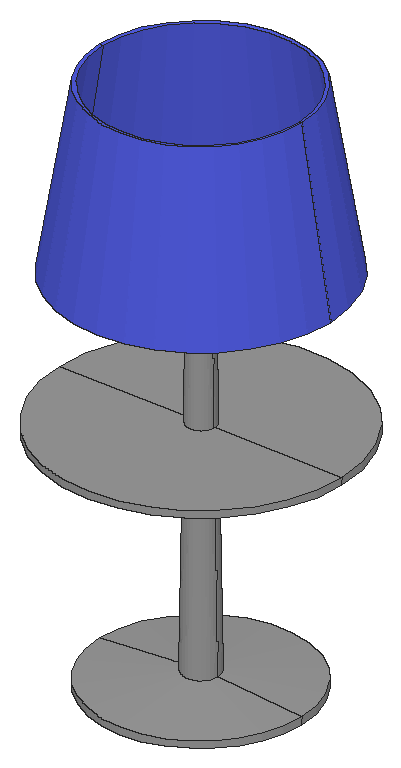
Revit family "MF consegna 01 tavolo lampada", category Apparecchi per illuminazione, Revit 2013
Parameters (values of type "Lampada h 160cm - tessuto azzurro")
  Wattage = 9.2903 W
  Spessore paralume = 1 cm
  Spessore base/ripiano interno = 4 cm
  Spessore base/ripiano esterno = 2 cm
  Raggio superiore paralume = 30 cm
  Raggio superiore montante = 3 cm
  Raggio ripiano = 42 cm
  Raggio inferiore paralume = 38.5 cm
  Raggio inferiore montante = 5 cm
  Raggio base = 30 cm
  built-in parameter 1150110 = 1 (stored number, unit not read)
  Materiale paralume = Lino - Azzurro
  Materiale base = Plastica, Bianco opaco
  H ripiano = 70 cm
  H paralume = 50 cm
  H Lampada = 160 cm
  built-in parameter 1114217 = 1 (stored number, unit not read)
  built-in parameter 1150109 = 1 (stored number, unit not read)
  built-in parameter 1150134 = (empty or 0)
  built-in parameter 1150113 = 1 (stored number, unit not read)
  Lumens = 1380 lm
  built-in parameter 1150115 = 1 (stored number, unit not read)
  built-in parameter 1150105 = 109.82 (stored number, unit not read)
  Dimensioni simbolo sorgente d'illuminazione = H paralume / 2  # 25 cm
  built-in parameter 1150137 = (empty or 0)
  built-in parameter 1150139 = (empty or 0)
  built-in parameter 1150112 = 1 (stored number, unit not read)
  built-in parameter 1150114 = 1 (stored number, unit not read)
  built-in parameter 1150132 = 2
  built-in parameter 1150102 = (empty or 0)
  built-in parameter 1150138 = (empty or 0)
  built-in parameter 1150107 = 3000 (stored number, unit not read)
  built-in parameter 1150106 = 1.0982 (stored number, unit not read)
  built-in parameter 1150104 = 13.8 (stored number, unit not read)
  Dimming Lamp Color Temperature Shift = (empty or 0)
  Color Filter = 16777215
  built-in parameter 1114218 = 1 (stored number, unit not read)
  built-in parameter 1150133 = 10 (stored number, unit not read)
Types (3, lengths in cm): name | Spessore base/ripiano interno | Spessore base/ripiano esterno | Raggio superiore paralume | Raggio superiore montante | Raggio ripiano | Raggio inferiore paralume | Raggio inferiore montante | Raggio base | Materiale paralume | H ripiano | H paralume | H Lampada | Dimensioni simbolo sorgente d'illuminazione
  (no name) | 4 | 2 | 30 | 3 | 42 | 38.5 | 5 | 30 | Lino - Azzurro | 70 | 50 | 160 | 25
  Lampada h 160cm - tessuto azzurro | 4 | 2 | 30 | 3 | 42 | 38.5 | 5 | 30 | Lino - Azzurro | 70 | 50 | 160 | 25
  Lampada h 80 cm - tessuto rosso | 2 | 0.5 | 20 | 1 | 27 | 22 | 3 | 20 | Lino - Rosso | 30 | 25 | 80 | 12.5
Reference planes (cm)
  plane 1 "Asse sorgente illuminazione (F/B)": y = 0
  plane 2: z = 0
  plane 3 "Asse sorgente illuminazione (L/R)": x = 0
  plane 4 "Prospetto sorgente di illuminazione": z = 135
  plane 5: z = 160
  plane 6: x = -30
  plane 7: z = 110
  plane 8: x = -38.5
  plane 9: x = -30
  plane 10: z = 70
  plane 11: x = -42
  plane 12: x = -3
  plane 13: z = 2
  plane 14: z = 68
  plane 15: x = -5
  plane 16: z = 66
  plane 17: z = 4
Forms (cm)
  Revolve 1, solid, material "Lino - Azzurro" <- "Materiale paralume"
    sketch origin (0, 0, 0) x (1, 0, 0) y (0, 0, 1)
      loop
        line (-30, 160) -> (-38.5, 110) -> (-37.5141, 109.8324) -> (-29.0141, 159.8324) -> (-30, 160)
      axis (0, 160) -> (0, 109.8324)
    angle from 0 to 360
  Revolve 2, solid, material "Plastica, Bianco opaco" <- "Materiale base"
    sketch origin (0, 0, 0) x (1, 0, 0) y (0, 0, 1)
      loop
        line (0, 0) -> (0, 135) -> (-2.958, 135) -> (-5, 4) -> (-30, 2) -> (-30, 0) -> (0, 0)
      axis (0, 135) -> (0, 0)
    angle from 0 to 360
  Revolve 3, solid, material "Plastica, Bianco opaco" <- "Materiale base"
    sketch origin (0, 0, 0) x (1, 0, 0) y (0, 0, 1)
      loop
        line (-42, 70) -> (-42, 68) -> (0, 66) -> (0, 70) -> (-42, 70)
      axis (0, 70) -> (0, 66)
    angle from 0 to 360
Dimensions and locks (cm)
  "H Lampada": plane 5 to plane 2
  "Raggio superiore paralume": plane 3 "Asse sorgente illuminazione (L/R)" to plane 6
  "H paralume": plane 5 to plane 7
  equal spacing: plane 5, plane 4 "Prospetto sorgente di illuminazione", plane 7
  "Raggio inferiore paralume": plane 8 to plane 3 "Asse sorgente illuminazione (L/R)"
  "Spessore paralume": Revolve 1 sketch curve to Revolve 1 sketch curve
  "Raggio base": plane 3 "Asse sorgente illuminazione (L/R)" to plane 9
  "Raggio superiore montante": plane 12 to plane 3 "Asse sorgente illuminazione (L/R)"
  "Spessore base/ripiano esterno": plane 13 to plane 2
  "Spessore base/ripiano esterno": plane 10 to plane 14
  "H ripiano": plane 10 to plane 2
  "Raggio inferiore montante": plane 3 "Asse sorgente illuminazione (L/R)" to plane 15
  "Raggio ripiano": plane 3 "Asse sorgente illuminazione (L/R)" to plane 11
  "Spessore base/ripiano interno": plane 10 to plane 16
  "Spessore base/ripiano interno": plane 17 to plane 2
  aligned and locked: plane 3 "Asse sorgente illuminazione (L/R)" to imposter light
  aligned and locked: plane 1 "Asse sorgente illuminazione (F/B)" to imposter light
  aligned and locked: plane 4 "Prospetto sorgente di illuminazione" to imposter light
  aligned and locked: level to plane 2
  aligned and locked: Revolve 1 sketch curve to plane 3 "Asse sorgente illuminazione (L/R)"
  aligned and locked: plane 11 to Revolve 3 sketch curve
  aligned and locked: Revolve 3 sketch curve to plane 10
  aligned and locked: Revolve 3 sketch curve to plane 3 "Asse sorgente illuminazione (L/R)"
  aligned and locked: Revolve 3 to plane 10
  aligned and locked: Revolve 2 to plane 2
Automatic sketch dimensions
  Revolve 2 sketch curve to level = 0 cm  (x2)
  Revolve 2 sketch curve to plane 9 = 0 cm
  Revolve 2 sketch curve to plane 4 "Prospetto sorgente di illuminazione" = 0 cm
  Revolve 2 sketch curve to plane 3 "Asse sorgente illuminazione (L/R)" = 0 cm  (x2)
  Revolve 2 sketch curve to plane 13 = 0 cm
  Revolve 2 sketch curve to plane 15 = 0 cm
  Revolve 2 sketch curve to plane 17 = 0 cm
  plane 12 to Revolve 2 sketch curve = 0.042 cm
  plane 5 to Revolve 2 sketch curve = 0.1644 cm
  Revolve 3 sketch curve to plane 14 = 0 cm
  Revolve 3 sketch curve to plane 3 "Asse sorgente illuminazione (L/R)" = 0 cm
  Revolve 3 sketch curve to plane 16 = 0 cm
  Revolve 3 sketch curve to Revolve 3 sketch curve = 1.5 cm
  Revolve 3 sketch curve to Revolve 3 sketch curve = 16 cm
  Revolve 1 sketch curve to plane 7 = 0 cm
  plane 8 to Revolve 1 sketch curve = 0 cm
  Revolve 1 sketch curve to plane 5 = 0 cm
  Revolve 1 sketch curve to plane 6 = 0 cm
  plane 17 to Revolve 1 sketch curve = 9.4041 cm
  Revolve 1 sketch curve to plane 5 = 6 cm
